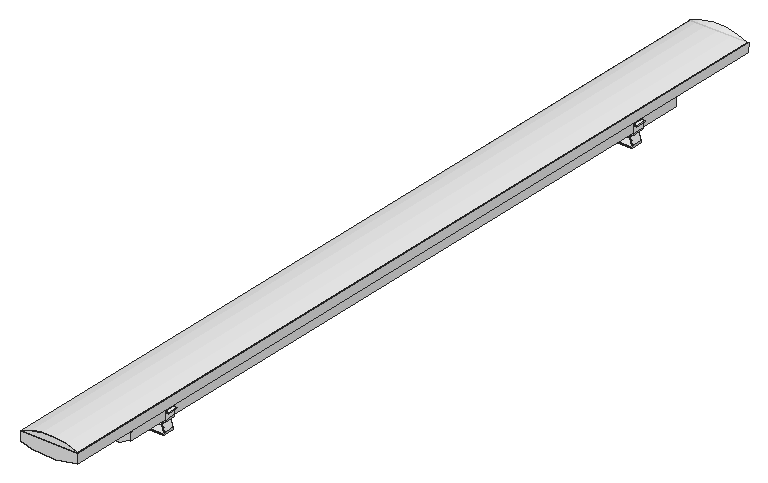
Revit family "Lighting-Industriale-GEWISS-SMART[3]PLUS-HLO-PLAFONIERA-LED_TRANSPARENTE_FASCIOMEDIO_1600mm", category Apparecchi per illuminazione, host Superficie, Revit 2019
Family settings
  Host = Superficie
  Quota connettore circolare = Usa diametro
  Tipo di parte = Normale
  Taglio con vuoti quando caricato = No
  Sorgente d'illuminazione = Sì
  Condiviso = No
  Punto di calcolo locali = No
Parameters (values of type "GWS3323BC957 - SMART3 PLUS 1600 T.W.DALI HO CONC 9 57")
  Wattage = 27 W
  Visibilità simbolo [instance] = yes
  Visibilità pianta [instance] = not(Visibilità simbolo)  # no
  Visibilità etichetta [instance] = yes
  Versione file RFA = "20.0"
  Variazione temperatura colore lampada con luminosità attenuata = (empty or 0)
  URL = "https://www.gewiss.com/it/it"
  Tipologia sorgente luminosa = "LED - Non sostituibile"
  Tipologia = "DALI"
  Tipo alimentatore = ""
  Tensione = "220-240 V "
  Temperatura di utilizzo = "-25 +45 °C"
  Temperatura di funzionamento = "-25 +45 °C"
  Temperatura di colore: = "5700 K (CRI > 90)"
  Temperatura di colore = "5700 K (CRI > 90)"
  Schermo = "Trasparente"
  Scheda Tecnica = "https://www.gewiss.com/it/it/search?q=GWS3323BC957"
  SEO = "Plafoniera"
  Resistenza agli urti = "IK08"
  Potenza di sistema = "63 W"
  Peso (kg): = ""
  NÂ° LED (#) = ""
  Numero poli = 2
  built-in parameter 1150107 = 5700 (stored number, unit not read)
  Struttura = GRIGIO
  Stampa 1_200 = no
  Stampa 1_100 = not(Stampa 1_200)  # yes
  Spostamento_Y_etichetta [instance] = 0 mm
  Spostamento_Y_effettivo_etichetta [instance] = 1500 mm - Spostamento_Y_etichetta  # 1500 mm
  Spostamento_X_etichetta [instance] = 0 mm
  Spostamento_X_effettivo_etichetta [instance] = 1500 mm - Spostamento_X_etichetta  # 1500 mm
  Schermo. = Led Acceso
  Default Elevation = 1219.2 mm
  Produttore = "GEWISS S.p.A."
  built-in parameter 1150110 = 1 (stored number, unit not read)
  built-in parameter 1150109 = 1 (stored number, unit not read)
  built-in parameter 1114218 = 1 (stored number, unit not read)
  built-in parameter 1150112 = 1 (stored number, unit not read)
  Modello = "GWS3323BC957"
  built-in parameter 1150137 = (empty or 0)
  built-in parameter 1150132 = (empty or 0)
  Lunghezza Lampada = 1600 mm  # constant formula
  Lunghezza = "1600 mm"
  Lumen output (lm) = "7100"
  Lampada: = "LED"
  Lampada = "LED"
  LED LifeTime (L80B20) = ""
  LED Life time (L90B50) = ""
  LED Life time (L80B50) = ""
  LED Life time (L70) = ""
  built-in parameter 1150105 = 1406.7 (stored number, unit not read)
  built-in parameter 1150102 = (empty or 0)
  Type Image = GWS3280TS.jpg
  built-in parameter 1150106 = 14.067 (stored number, unit not read)
  IFC.TypeObject = ""
  IFC.ExportType = ""
  IFC.ExportAs = ""
  IDT = "b00432e8-6c7e-4c0b-b2bb-cd3ca21adb70"
  IDF = "f4548ec7-d4a7-426e-88fc-f48177b86a4a"
  Grado di protezione = "IP66/IP69"
  Glow Wire Test = "850°C"
  Garanzia = "5 anni"
  Ganci = Alluminio
  Flusso nominale (lm) = ""
  Lumens = 4010.63 lm
  Color Filter = 16777215
  File diagramma fotometrico = "GWS3323BC957.IES"
  built-in parameter 1114217 = 1 (stored number, unit not read)
  built-in parameter 1150139 = (empty or 0)
  Failure rate apparecchio (50.000h, Tq=25Â° C) = ""
  Failure rate apparecchio (35.000h, Tq=35Â° C) = ""
  Emetti da lunghezza linea = 1200 mm
  built-in parameter 1150104 = 13.8 (stored number, unit not read)
  built-in parameter 1150115 = 1 (stored number, unit not read)
  built-in parameter 1150114 = 1 (stored number, unit not read)
  built-in parameter 1150113 = 1 (stored number, unit not read)
  Descrizione = "SMART3 PLUS 1600 T.W.DALI HO CONC 9 57"
  Creato da GEWISS S.p.A. = ""
  Commenti sul wattaggio = "67W"
  built-in parameter 1150134 = (empty or 0)
  built-in parameter 1150138 = (empty or 0)
  Codice Electrocod = "2434"
  Codice EAN = ""
  Classe isolamento = "II"
  Classe di efficienza LED integrati = "A ÷ A++"
  Catalogo Serie = "SMART[3] PLUS HLO"
  Catalogo = "LIGHTING"
  Carico apparente = 67 VA
  COBie.Tagnumber = ""
  COBie.CreatedOn = ""
  COBie.CreatebBy = ""
  COBie.ComponentRegisterItemID = ""
  COBie.Component.TagNumber = ""
  COBie.Component.Space = ""
  COBie.Component.SerialNumber = ""
  COBie.Component.InstallationDate = ""
  COBie.Component.Description = ""
  COBie.Component.BarCode = ""
  Applicazione = "Interno"
  Apparecchio a ridotta temperatura superficiale = ""
  Tilt Angle = -90.00°
  built-in parameter 1150133 = 10 (stored number, unit not read)
Types (24, lengths in mm): name | Tipologia | Temperatura di utilizzo | Temperatura di funzionamento | Temperatura di colore: | Temperatura di colore | Scheda Tecnica | Potenza di sistema | Modello | Lumen output (lm) | Type Image | IDT | File diagramma fotometrico | Descrizione | Commenti sul wattaggio | Carico apparente
  GWS3320BC830 - SMART3 PLUS 1600 ON/OFF HO CONC 8 30 | "" | "-25 +50 °C" | "-25 +50 °C" | "3000 K (CRI > 80)" | "3000 K (CRI > 80)" | "https://www.gewiss.com/it/it/search?q=GWS3320BC830" | "61 W" | "GWS3320BC830" | "8500" | GWS3158T.jpg | "51874a5f-5911-4fc8-a872-f72a5111fd3c" | "GWS3320BC830.IES" | "SMART3 PLUS 1600 ON/OFF HO CONC 8 30" | "26W" | 26 VA
  GWS3320BC840 - SMART3 PLUS 1600 ON/OFF HO CONC 8 40 | "" | "-25 +50 °C" | "-25 +50 °C" | "4000 K (CRI > 80)" | "4000 K (CRI > 80)" | "https://www.gewiss.com/it/it/search?q=GWS3320BC840" | "61 W" | "GWS3320BC840" | "8900" | GWS3158T30K.jpg | "e9fb3ce9-b5e0-4438-a7fa-7e89d9c6abb2" | "GWS3320BC840.IES" | "SMART3 PLUS 1600 ON/OFF HO CONC 8 40" | "26W" | 26 VA
  GWS3320BC857 - SMART3 PLUS 1600 ON/OFF HO CONC 8 57 | "" | "-25 +50 °C" | "-25 +50 °C" | "5700 K (CRI > 80)" | "5700 K (CRI > 80)" | "https://www.gewiss.com/it/it/search?q=GWS3320BC857" | "61 W" | "GWS3320BC857" | "8900" | GWS3158T57K.jpg | "e657f4e3-5612-4aa4-8f5e-469920edbc74" | "GWS3320BC857.IES" | "SMART3 PLUS 1600 ON/OFF HO CONC 8 57" | "26W" | 26 VA
  GWS3321BC940 - SMART3 PLUS 1600 DALI HO CONC 9 40 | "DALI" | "-25 +45 °C" | "-25 +45 °C" | "4000 K (CRI > 90)" | "4000 K (CRI > 90)" | "https://www.gewiss.com/it/it/search?q=GWS3321BC940" | "63 W" | "GWS3321BC940" | "7100" | GWS3258T.jpg | "65958f95-e7f8-4c19-86e3-ff2f32f95c70" | "GWS3321BC940.IES" | "SMART3 PLUS 1600 DALI HO CONC 9 40" | "53W" | 53 VA
  GWS3321BC957 - SMART3 PLUS 1600 DALI HO CONC 9 57 | "DALI" | "-25 +45 °C" | "-25 +45 °C" | "5700 K (CRI > 90)" | "5700 K (CRI > 90)" | "https://www.gewiss.com/it/it/search?q=GWS3321BC957" | "63 W" | "GWS3321BC957" | "7100" | GWS3258T30K.jpg | "87f11829-bd42-43da-abd5-1284eb4abbd7" | "GWS3321BC957.IES" | "SMART3 PLUS 1600 DALI HO CONC 9 57" | "53W" | 53 VA
  GWS3322BC830 - SMART3 PLUS 1600 T.W.ON/OFF HO CONC 8 30 | "" | "-25 +50 °C" | "-25 +50 °C" | "3000 K (CRI > 80)" | "3000 K (CRI > 80)" | "https://www.gewiss.com/it/it/search?q=GWS3322BC830" | "61 W" | "GWS3322BC830" | "8500" | GWS3258T57K.jpg | "64a5e25e-2b8b-4251-b203-5ea693b3453b" | "GWS3322BC830.IES" | "SMART3 PLUS 1600 T.W.ON/OFF HO CONC 8 30" | "53W" | 53 VA
  GWS3320BC930 - SMART3 PLUS 1600 ON/OFF HO CONC 9 30 | "" | "-25 +50 °C" | "-25 +50 °C" | "3000 K (CRI > 90)" | "3000 K (CRI > 90)" | "https://www.gewiss.com/it/it/search?q=GWS3320BC930" | "61 W" | "GWS3320BC930" | "6600" | GWS3158TD30K.jpg | "d27e9a01-79ad-4849-b71e-ad3046dd77c8" | "GWS3320BC930.IES" | "SMART3 PLUS 1600 ON/OFF HO CONC 9 30" | "27W" | 27 VA
  GWS3320BC940 - SMART3 PLUS 1600 ON/OFF HO CONC 9 40 | "" | "-25 +50 °C" | "-25 +50 °C" | "4000 K (CRI > 90)" | "4000 K (CRI > 90)" | "https://www.gewiss.com/it/it/search?q=GWS3320BC940" | "61 W" | "GWS3320BC940" | "7100" | GWS3158TD57K.jpg | "889abac6-9bb5-4058-b233-50f464c11995" | "GWS3320BC940.IES" | "SMART3 PLUS 1600 ON/OFF HO CONC 9 40" | "27W" | 27 VA
  GWS3320BC957 - SMART3 PLUS 1600 ON/OFF HO CONC 9 57 | "" | "-25 +50 °C" | "-25 +50 °C" | "5700 K (CRI > 90)" | "5700 K (CRI > 90)" | "https://www.gewiss.com/it/it/search?q=GWS3320BC957" | "61 W" | "GWS3320BC957" | "7100" | GWS3158TL.jpg | "5ad3064c-a93f-4846-a5d8-ab0fe61b4c5d" | "GWS3320BC957.IES" | "SMART3 PLUS 1600 ON/OFF HO CONC 9 57" | "26W" | 26 VA
  GWS3321BC830 - SMART3 PLUS 1600 DALI HO CONC 8 30 | "DALI" | "-25 +45 °C" | "-25 +45 °C" | "3000 K (CRI > 80)" | "3000 K (CRI > 80)" | "https://www.gewiss.com/it/it/search?q=GWS3321BC830" | "63 W" | "GWS3321BC830" | "8500" | GWS3158TL30K.jpg | "a60093cb-3f4d-4f96-8bdb-7d650ae2cbaa" | "GWS3321BC830.IES" | "SMART3 PLUS 1600 DALI HO CONC 8 30" | "26W" | 26 VA
  GWS3321BC840 - SMART3 PLUS 1600 DALI HO CONC 8 40 | "DALI" | "-25 +45 °C" | "-25 +45 °C" | "4000 K (CRI > 80)" | "4000 K (CRI > 80)" | "https://www.gewiss.com/it/it/search?q=GWS3321BC840" | "63 W" | "GWS3321BC840" | "8900" | GWS3158TL57K.jpg | "7fb05e5f-cd81-445a-8df8-66fea902ef50" | "GWS3321BC840.IES" | "SMART3 PLUS 1600 DALI HO CONC 8 40" | "26W" | 26 VA
  GWS3321BC857 - SMART3 PLUS 1600 DALI HO CONC 8 57 | "DALI" | "-25 +45 °C" | "-25 +45 °C" | "5700 K (CRI > 80)" | "5700 K (CRI > 80)" | "https://www.gewiss.com/it/it/search?q=GWS3321BC857" | "63 W" | "GWS3321BC857" | "8900" | GWS3158TLD30K.jpg | "5ec17c8a-fe5e-42aa-a6a3-d3f001b0f863" | "GWS3321BC857.IES" | "SMART3 PLUS 1600 DALI HO CONC 8 57" | "27W" | 27 VA
  GWS3321BC930 - SMART3 PLUS 1600 DALI HO CONC 9 30 | "DALI" | "-25 +45 °C" | "-25 +45 °C" | "3000 K (CRI > 90)" | "3000 K (CRI > 90)" | "https://www.gewiss.com/it/it/search?q=GWS3321BC930" | "63 W" | "GWS3321BC930" | "6600" | GWS3158TLD57K.jpg | "fad7e840-af3a-4df0-b764-14f4147dd9ba" | "GWS3321BC930.IES" | "SMART3 PLUS 1600 DALI HO CONC 9 30" | "27W" | 27 VA
  GWS3322BC840 - SMART3 PLUS 1600 T.W.ON/OFF HO CONC 8 40 | "" | "-25 +50 °C" | "-25 +50 °C" | "4000 K (CRI > 80)" | "4000 K (CRI > 80)" | "https://www.gewiss.com/it/it/search?q=GWS3322BC840" | "61 W" | "GWS3322BC840" | "8900" | GWS3258TD.jpg | "95eb6b9a-2660-4f3a-a8cc-c0dcb3b3a553" | "GWS3322BC840.IES" | "SMART3 PLUS 1600 T.W.ON/OFF HO CONC 8 40" | "55W" | 55 VA
  GWS3322BC857 - SMART3 PLUS 1600 T.W.ON/OFF HO CONC 8 57 | "" | "-25 +50 °C" | "-25 +50 °C" | "5700 K (CRI > 80)" | "5700 K (CRI > 80)" | "https://www.gewiss.com/it/it/search?q=GWS3322BC857" | "61 W" | "GWS3322BC857" | "8900" | GWS3258T30K.jpg | "c3caccaa-4e5a-4830-8f64-a7e2341cad41" | "GWS3322BC857.IES" | "SMART3 PLUS 1600 T.W.ON/OFF HO CONC 8 57" | "55W" | 55 VA
  GWS3322BC930 - SMART3 PLUS 1600 T.W.ON/OFF HO CONC 9 30 | "" | "-25 +50 °C" | "-25 +50 °C" | "3000 K (CRI > 90)" | "3000 K (CRI > 90)" | "https://www.gewiss.com/it/it/search?q=GWS3322BC930" | "61 W" | "GWS3322BC930" | "6600" | GWS3258TD57K.jpg | "b1758d13-2a52-476e-b43b-9c48c757a74a" | "GWS3322BC930.IES" | "SMART3 PLUS 1600 T.W.ON/OFF HO CONC 9 30" | "55W" | 55 VA
  GWS3322BC940 - SMART3 PLUS 1600 T.W.ON/OFF HO CONC 9 40 | "" | "-25 +50 °C" | "-25 +50 °C" | "4000 K (CRI > 90)" | "4000 K (CRI > 90)" | "https://www.gewiss.com/it/it/search?q=GWS3322BC940" | "61 W" | "GWS3322BC940" | "7100" | GWS3258TL.jpg | "2488c67f-667e-4f1e-b686-f3dfdf3056d8" | "GWS3322BC940.IES" | "SMART3 PLUS 1600 T.W.ON/OFF HO CONC 9 40" | "53W" | 53 VA
  GWS3322BC957 - SMART3 PLUS 1600 T.W.ON/OFF HO CONC 9 57 | "" | "-25 +50 °C" | "-25 +50 °C" | "5700 K (CRI > 90)" | "5700 K (CRI > 90)" | "https://www.gewiss.com/it/it/search?q=GWS3322BC957" | "61 W" | "GWS3322BC957" | "7100" | GWS3258TL30K.jpg | "f705bc28-f25b-4d57-9af6-de8809458856" | "GWS3322BC957.IES" | "SMART3 PLUS 1600 T.W.ON/OFF HO CONC 9 57" | "53W" | 53 VA
  GWS3323BC830 - SMART3 PLUS 1600 T.W.DALI HO CONC 8 30 | "DALI" | "-25 +45 °C" | "-25 +45 °C" | "3000 K (CRI > 80)" | "3000 K (CRI > 80)" | "https://www.gewiss.com/it/it/search?q=GWS3323BC830" | "63 W" | "GWS3323BC830" | "8500" | GWS3258TL57K.jpg | "2716a0e9-64e2-469b-bfd0-99e64ee285ab" | "GWS3323BC830.IES" | "SMART3 PLUS 1600 T.W.DALI HO CONC 8 30" | "53W" | 53 VA
  GWS3323BC840 - SMART3 PLUS 1600 T.W.DALI HO CONC 8 40 | "DALI" | "-25 +45 °C" | "-25 +45 °C" | "4000 K (CRI > 80)" | "4000 K (CRI > 80)" | "https://www.gewiss.com/it/it/search?q=GWS3323BC840" | "63 W" | "GWS3323BC840" | "8900" | GWS3258TLD.jpg | "53bf4455-74a7-45b5-9f99-1f0571a5c14e" | "GWS3323BC840.IES" | "SMART3 PLUS 1600 T.W.DALI HO CONC 8 40" | "55W" | 55 VA
  GWS3323BC857 - SMART3 PLUS 1600 T.W.DALI HO CONC 8 57 | "DALI" | "-25 +45 °C" | "-25 +45 °C" | "5700 K (CRI > 80)" | "5700 K (CRI > 80)" | "https://www.gewiss.com/it/it/search?q=GWS3323BC857" | "63 W" | "GWS3323BC857" | "8900" | GWS3258TLD30K.jpg | "d207a6d6-3db3-4a8c-882d-02bcd1ab076f" | "GWS3323BC857.IES" | "SMART3 PLUS 1600 T.W.DALI HO CONC 8 57" | "55W" | 55 VA
  GWS3323BC930 - SMART3 PLUS 1600 T.W.DALI HO CONC 9 30 | "DALI" | "-25 +45 °C" | "-25 +45 °C" | "3000 K (CRI > 90)" | "3000 K (CRI > 90)" | "https://www.gewiss.com/it/it/search?q=GWS3323BC930" | "63 W" | "GWS3323BC930" | "6600" | GWS3258TLD57K.jpg | "c4e6d04e-cb91-4804-836c-f12bcb5acef6" | "GWS3323BC930.IES" | "SMART3 PLUS 1600 T.W.DALI HO CONC 9 30" | "55W" | 55 VA
  GWS3323BC957 - SMART3 PLUS 1600 T.W.DALI HO CONC 9 57 | "DALI" | "-25 +45 °C" | "-25 +45 °C" | "5700 K (CRI > 90)" | "5700 K (CRI > 90)" | "https://www.gewiss.com/it/it/search?q=GWS3323BC957" | "63 W" | "GWS3323BC957" | "7100" | GWS3280TS.jpg | "b00432e8-6c7e-4c0b-b2bb-cd3ca21adb70" | "GWS3323BC957.IES" | "SMART3 PLUS 1600 T.W.DALI HO CONC 9 57" | "67W" | 67 VA
  GWS3323BC940 - SMART3 PLUS 1600 T.W.DALI HO CONC 9 40 | "DALI" | "-25 +45 °C" | "-25 +45 °C" | "4000 K (CRI > 90)" | "4000 K (CRI > 90)" | "https://www.gewiss.com/it/it/search?q=GWS3323BC940" | "63 W" | "GWS3323BC940" | "7100" | GWS3280TLS.jpg | "34a9e3cc-20e7-4faf-acb9-680dcd69804f" | "GWS3323BC940.IES" | "SMART3 PLUS 1600 T.W.DALI HO CONC 9 40" | "67W" | 67 VA
Reference planes
  plane 1 "Centro (Fronte/Retro)": y = 0
  plane 2: z = 0
  plane 3 "Centro (Sinistra/Destra)": x = 0
  plane 4: x = -1500
  plane 5: y = -1500
  plane 6: x = 0
  plane 7: y = 0
Forms (mm)
  Extrusion 1, solid, material "Alluminio" <- "Ganci", detail levels medium+fine
    sketch origin (0, 0, 0) x (1, 0, 0) y (0, 0, 1)
      loop
        arc (31.431, -0.002) -> (34.576, 1.589) -> (35.156, 5.066) r 3.903
        line (35.156, 5.066) -> (29.612, 23.211)
        arc (29.612, 23.211) -> (29.883, 24.381) -> (31.032, 24.73) r 1.2
        line (31.032, 24.73) -> (34.307, 23.974)
        arc (34.307, 23.974) -> (36.765, 24.53) -> (37.859, 26.8) r 2.9
        line (37.859, 26.8) -> (37.859, 38.8)
        arc (37.859, 38.8) -> (37.648, 39.694) -> (37.059, 40.4) r 2
        line (37.059, 40.4) -> (37.059, 42.71) -> (42.861, 40.598) -> (43.203, 41.538) -> (37.53, 43.603)
        arc (37.53, 43.603) -> (37.019, 43.613) -> (36.605, 43.311) r 0.8
        line (36.605, 43.311) -> (36.306, 26.139)
        arc (36.306, 26.139) -> (35.6, 25.444) -> (34.616, 25.34) r 1.5
        line (34.616, 25.34) -> (31.344, 26.095)
        arc (31.344, 26.095) -> (28.858, 25.335) -> (28.273, 22.802) r 2.6
        line (28.273, 22.802) -> (33.827, 4.636)
        arc (33.827, 4.636) -> (33.449, 2.415) -> (31.438, 1.4) r 2.5
        line (31.438, 1.4) -> (-31.437, 1.4)
        arc (-31.437, 1.4) -> (-33.449, 2.415) -> (-33.827, 4.636) r 2.5
        line (-33.827, 4.636) -> (-28.273, 22.802)
        arc (-28.273, 22.802) -> (-28.858, 25.335) -> (-31.344, 26.095) r 2.6
        line (-31.344, 26.095) -> (-34.616, 25.34)
        arc (-34.616, 25.34) -> (-35.6, 25.444) -> (-36.306, 26.139) r 1.5
        line (-36.306, 26.139) -> (-36.605, 43.311)
        arc (-36.605, 43.311) -> (-37.019, 43.613) -> (-37.53, 43.603) r 0.8
        line (-37.53, 43.603) -> (-43.203, 41.538) -> (-42.861, 40.598) -> (-37.059, 42.71) -> (-37.059, 40.4)
        arc (-37.059, 40.4) -> (-37.648, 39.694) -> (-37.859, 38.8) r 2
        line (-37.859, 38.8) -> (-37.859, 26.8)
        arc (-37.859, 26.8) -> (-36.765, 24.53) -> (-34.307, 23.974) r 2.9
        line (-34.307, 23.974) -> (-31.032, 24.73)
        arc (-31.032, 24.73) -> (-29.883, 24.381) -> (-29.612, 23.211) r 1.2
        line (-29.612, 23.211) -> (-35.156, 5.066)
        arc (-35.156, 5.066) -> (-34.576, 1.589) -> (-31.431, -0.002) r 3.903
        line (-31.431, -0.002) -> (31.431, -0.002)
    from 548.766 to 568.766
  Extrusion 2, solid, material "Alluminio" <- "Ganci", detail levels medium+fine
    sketch origin (0, 0, 0) x (1, 0, 0) y (0, 0, -1)
      loop
        line (31.431, 0.002) -> (-31.431, 0.002)
        arc (-31.431, 0.002) -> (-34.576, -1.589) -> (-35.156, -5.066) r 3.903
        line (-35.156, -5.066) -> (-29.612, -23.211)
        arc (-29.612, -23.211) -> (-29.883, -24.381) -> (-31.032, -24.73) r 1.2
        line (-31.032, -24.73) -> (-34.307, -23.974)
        arc (-34.307, -23.974) -> (-36.765, -24.53) -> (-37.859, -26.8) r 2.9
        line (-37.859, -26.8) -> (-37.859, -38.8)
        arc (-37.859, -38.8) -> (-37.648, -39.694) -> (-37.059, -40.4) r 2
        line (-37.059, -40.4) -> (-37.059, -42.71) -> (-42.861, -40.598) -> (-43.203, -41.538) -> (-37.53, -43.603)
        arc (-37.53, -43.603) -> (-37.019, -43.613) -> (-36.605, -43.311) r 0.8
        line (-36.605, -43.311) -> (-36.306, -26.139)
        arc (-36.306, -26.139) -> (-35.6, -25.444) -> (-34.616, -25.34) r 1.5
        line (-34.616, -25.34) -> (-31.344, -26.095)
        arc (-31.344, -26.095) -> (-28.858, -25.335) -> (-28.273, -22.802) r 2.6
        line (-28.273, -22.802) -> (-33.827, -4.636)
        arc (-33.827, -4.636) -> (-33.449, -2.415) -> (-31.437, -1.4) r 2.5
        line (-31.437, -1.4) -> (31.438, -1.4)
        arc (31.438, -1.4) -> (33.449, -2.415) -> (33.827, -4.636) r 2.5
        line (33.827, -4.636) -> (28.273, -22.802)
        arc (28.273, -22.802) -> (28.858, -25.335) -> (31.344, -26.095) r 2.6
        line (31.344, -26.095) -> (34.616, -25.34)
        arc (34.616, -25.34) -> (35.6, -25.444) -> (36.306, -26.139) r 1.5
        line (36.306, -26.139) -> (36.605, -43.311)
        arc (36.605, -43.311) -> (37.019, -43.613) -> (37.53, -43.603) r 0.8
        line (37.53, -43.603) -> (43.203, -41.538) -> (42.861, -40.598) -> (37.059, -42.71) -> (37.059, -40.4)
        arc (37.059, -40.4) -> (37.648, -39.694) -> (37.859, -38.8) r 2
        line (37.859, -38.8) -> (37.859, -26.8)
        arc (37.859, -26.8) -> (36.765, -24.53) -> (34.307, -23.974) r 2.9
        line (34.307, -23.974) -> (31.032, -24.73)
        arc (31.032, -24.73) -> (29.883, -24.381) -> (29.612, -23.211) r 1.2
        line (29.612, -23.211) -> (35.156, -5.066)
        arc (35.156, -5.066) -> (34.576, -1.589) -> (31.431, 0.002) r 3.903
    from 548.766 to 568.766
  Extrusion 3, solid, material "GRIGIO" <- "Struttura", detail levels medium+fine
    sketch origin (0, 0, 0) x (1, 0, 0) y (0, 0, 1)
      loop
        line (-36.331, 55.757) -> (-35.847, 28.018)
        arc (-35.847, 28.018) -> (-33.139, 27.27) -> (-30.416, 26.58) r 129.5
        arc (-30.416, 26.58) -> (-28.066, 25.76) -> (-25.915, 24.506) r 13
        arc (-25.915, 24.506) -> (-24.23, 23.324) -> (-22.521, 22.178) r 99.5
        arc (-22.521, 22.178) -> (-16.401, 19.063) -> (-9.748, 17.365) r 31.146
        line (-9.748, 17.365) -> (12.491, 17.365)
        arc (12.491, 17.365) -> (17.822, 19.098) -> (22.764, 21.745) r 31.646
        arc (22.764, 21.745) -> (24.509, 22.915) -> (26.228, 24.122) r 100
        arc (26.228, 24.122) -> (28.283, 25.313) -> (30.525, 26.095) r 12.5
        arc (30.525, 26.095) -> (33.437, 26.834) -> (36.332, 27.64) r 130
        line (36.332, 27.64) -> (36.824, 55.851)
        arc (36.824, 55.851) -> (24.914, 53.937) -> (12.909, 52.764) r 195.047
        line (12.909, 52.764) -> (-12.909, 52.764)
        arc (-12.909, 52.764) -> (-24.665, 53.905) -> (-36.331, 55.757) r 195.047
    from -650 to 650
  Extrusion 4, solid, material "GRIGIO" <- "Struttura", detail levels medium+fine
    sketch origin (0, 0, 0) x (1, 0, 0) y (0, 0, 1)
      loop
        line (54.725, 60.184) -> (55.177, 77.445) -> (-55.177, 77.445) -> (-54.725, 60.184)
        arc (-54.725, 60.184) -> (-34.019, 55.332) -> (-12.909, 52.764) r 195.047
        line (-12.909, 52.764) -> (12.909, 52.764)
        arc (12.909, 52.764) -> (34.019, 55.332) -> (54.725, 60.184) r 195.047
    from -800 to 800
  Extrusion 5, solid, material "Led Acceso" <- "Schermo.", detail levels medium+fine
    sketch origin (0, 0, 0) x (1, 0, 0) y (0, 0, 1)
      loop
        arc (54.697, 78.441) -> (-0.014, 90.457) -> (-54.723, 78.429) r 130.5
        arc (-54.723, 78.429) -> (-54.988, 77.838) -> (-54.5, 77.445) r 0.5
        line (-54.5, 77.445) -> (54.479, 77.445)
        arc (54.479, 77.445) -> (54.988, 77.855) -> (54.697, 78.441) r 0.522
    from -800 to 800
  Extrusion 6, solid, material "GRIGIO" <- "Struttura", detail levels coarse
    sketch origin (0, 0, 0) x (1, 0, 0) y (0, 0, 1)
      loop
        line (-54.5, 90.439) -> (-54.5, 0) -> (54.5, 0) -> (54.5, 90.439) -> (-54.5, 90.439)
    from -800 to 800
Lines and regions (mm)
  Masking region 1, visible <- "Visibilità pianta"
    outline origin (0, 0, 0) x (1, 0, 0) y (0, 1, 0)
      loop
        line (-55.177, 800) -> (-55.177, -800) -> (55.177, -800) -> (55.177, 800) -> (-55.177, 800)
  model lines, style "GEWISS - LIGHT 2D", not visible, detail levels medium+fine
    curve 1: arc (599.156, 237.359, 0) -> (604.568, 231.947, 0) -> (609.98, 237.359, 0) r 5.412
    curve 6: arc (581.804, 237.359, 0) -> (582.83, 230.601, 0) -> (585.816, 224.453, 0) r 22.764
    curve 7: arc (623.32, 224.453, 0) -> (626.306, 230.601, 0) -> (627.332, 237.359, 0) r 22.764
    curve 8: arc (609.98, -154.35, 0) -> (604.568, -148.937, 0) -> (599.156, -154.35, 0) r 5.412
    curve 14: arc (585.816, -141.444, 0) -> (582.83, -147.592, 0) -> (581.804, -154.35, 0) r 22.764
    curve 15: arc (627.332, -154.35, 0) -> (626.306, -147.592, 0) -> (623.32, -141.444, 0) r 22.764
    curve 22: line (581.804, 248.502, 0) -> (581.804, 237.359, 0)
    curve 23: line (581.804, 237.359, 0) -> (599.156, 237.359, 0)
    curve 24: line (599.156, 237.359, 0) -> (599.156, 248.502, 0)
    curve 25: line (599.156, 256.809, 0) -> (599.156, 262.193, 0)
    curve 26: line (609.98, 248.502, 0) -> (609.98, 237.359, 0)
    curve 27: line (609.98, 237.359, 0) -> (627.332, 237.359, 0)
    curve 28: line (627.332, 237.359, 0) -> (627.332, 248.502, 0)
    curve 39: line (581.804, -154.35, 0) -> (581.804, -165.498, 0)
    curve 40: line (581.804, -165.498, 0) -> (581.804, -154.35, 0)
    curve 41: line (581.804, -154.35, 0) -> (599.156, -154.35, 0)
    curve 42: line (599.156, -154.35, 0) -> (599.156, -165.498, 0)
    curve 43: line (609.98, -165.498, 0) -> (609.98, -154.35, 0)
    curve 44: line (609.98, -154.35, 0) -> (627.332, -154.35, 0)
    curve 45: line (627.332, -154.35, 0) -> (627.332, -165.498, 0)
    curve 46: line (627.332, -165.498, 0) -> (627.332, -154.35, 0)
    curve 47: line (609.98, -179.249, 0) -> (609.98, -173.749, 0)
    curve 50: line (599.156, -179.191, 0) -> (599.156, -173.807, 0)
    curve 94: circle (617.836, 259.501, 0) r 1.5 normal (0, 0, 1)
    curve 95: circle (591.836, 259.501, 0) r 1.5 normal (0, 0, 1)
    curve 96: arc (610.218, 256.751, 0) -> (612.968, 259.501, 0) -> (610.218, 262.251, 0) r 2.75
    curve 97: arc (599.718, 262.251, 0) -> (596.968, 259.501, 0) -> (599.718, 256.751, 0) r 2.75
    curve 102: circle (617.836, -176.499, 0) r 1.5 normal (0, 0, 1)
    curve 103: circle (591.836, -176.499, 0) r 1.5 normal (0, 0, 1)
    curve 104: arc (610.218, -179.249, 0) -> (612.968, -176.499, 0) -> (610.218, -173.749, 0) r 2.75
    curve 105: arc (599.718, -173.749, 0) -> (596.968, -176.499, 0) -> (599.718, -179.249, 0) r 2.75
    curve 184: line (599.718, 262.251, 0) -> (610.218, 262.251, 0)
    curve 185: line (599.718, 256.751, 0) -> (610.218, 256.751, 0)
    curve 194: line (599.718, -173.749, 0) -> (610.218, -173.749, 0)
    curve 195: line (599.718, -179.249, 0) -> (610.218, -179.249, 0)
    curve 214: line (604.568, 230.323, 0) -> (604.568, 244.394, 0)
    curve 215: line (611.603, 237.359, 0) -> (597.532, 237.359, 0)
    curve 216: line (604.568, -161.385, 0) -> (604.568, -147.314, 0)
    curve 217: line (611.603, -154.35, 0) -> (597.532, -154.35, 0)
    curve 223: line (617.836, 257.551, 0) -> (617.836, 261.451, 0)
    curve 224: line (619.786, 259.501, 0) -> (615.886, 259.501, 0)
    curve 225: line (591.836, 257.551, 0) -> (591.836, 261.451, 0)
    curve 226: line (593.786, 259.501, 0) -> (589.886, 259.501, 0)
    curve 227: line (603.293, 259.501, 0) -> (596.143, 259.501, 0)
    curve 228: line (610.218, 255.926, 0) -> (610.218, 263.076, 0)
    curve 229: line (613.793, 259.501, 0) -> (606.643, 259.501, 0)
    curve 230: line (617.836, -178.449, 0) -> (617.836, -174.549, 0)
    curve 231: line (619.786, -176.499, 0) -> (615.886, -176.499, 0)
    curve 232: line (591.836, -178.449, 0) -> (591.836, -174.549, 0)
    curve 233: line (593.786, -176.499, 0) -> (589.886, -176.499, 0)
    curve 234: line (599.718, -180.074, 0) -> (599.718, -172.924, 0)
    curve 235: line (603.293, -176.499, 0) -> (596.143, -176.499, 0)
    curve 236: line (610.218, -180.074, 0) -> (610.218, -172.924, 0)
    curve 237: line (613.793, -176.499, 0) -> (606.643, -176.499, 0)
    curve 238: arc (585.816, 224.453, 0) -> (604.568, 218.168, 0) -> (623.32, 224.453, 0) r 31.118
    curve 239: arc (623.32, -141.444, 0) -> (604.568, -135.159, 0) -> (585.816, -141.444, 0) r 31.118
  model lines, style "GEWISS - LIGHT 2D", not visible
    curve 2: arc (642.177, 315.223, 0) -> (641.755, 316.267, 0) -> (640.725, 316.723, 0) r 1.499
    curve 3: arc (640.726, -233.714, 0) -> (641.755, -233.258, 0) -> (642.177, -232.214, 0) r 1.499
    curve 4: arc (568.41, 316.723, 0) -> (567.381, 316.267, 0) -> (566.959, 315.223, 0) r 1.499
    curve 5: arc (566.959, -232.214, 0) -> (567.38, -233.258, 0) -> (568.409, -233.714, 0) r 1.499
    curve 16: line (568.41, 316.723, 0) -> (592.409, 317.119, 0)
    curve 17: line (592.409, 317.119, 0) -> (595.819, 317.196, 0)
    curve 18: line (595.819, 317.196, 0) -> (604.587, 317.348, 0)
    curve 19: line (604.587, 317.348, 0) -> (613.319, 317.196, 0)
    curve 20: line (613.319, 317.196, 0) -> (616.729, 317.119, 0)
    curve 21: line (616.729, 317.119, 0) -> (640.725, 316.723, 0)
    curve 29: line (568.409, -233.714, 0) -> (604.582, -234.348, 0)
    curve 30: line (604.582, -234.348, 0) -> (640.726, -233.714, 0)
    curve 31: line (642.177, -187.498, 0) -> (642.177, -232.214, 0)
    curve 32: line (642.177, 248.502, 0) -> (642.177, -165.498, 0)
    curve 33: line (642.177, 315.223, 0) -> (642.177, 270.502, 0)
    curve 34: line (566.959, 315.223, 0) -> (566.959, 270.502, 0)
    curve 35: line (566.959, 248.502, 0) -> (566.959, -165.498, 0)
    curve 36: line (566.959, -187.498, 0) -> (566.959, -232.214, 0)
    curve 37: line (604.549, -234.347, 0) -> (604.569, -233.348, 0)
    curve 38: line (604.569, -233.348, 0) -> (604.549, -234.347, 0)
    curve 48: line (609.989, -233.253, 0) -> (609.98, -232.753, 0)
    curve 49: line (609.98, -232.753, 0) -> (609.98, -187.498, 0)
    curve 51: line (599.147, -233.253, 0) -> (599.156, -232.753, 0)
    curve 52: line (599.156, -232.753, 0) -> (599.156, -187.498, 0)
    curve 53: line (604.568, -232.848, 0) -> (604.569, -233.348, 0)
    curve 54: line (604.569, -233.348, 0) -> (604.568, -232.848, 0)
    curve 69: arc (658.224, 441.447, 0) -> (657.902, 441.529, 0) -> (657.571, 441.558, 0) r 1.999
    curve 71: arc (659.744, 439.503, 0) -> (659.172, 440.906, 0) -> (657.781, 441.505, 0) r 1.998
    curve 72: arc (549.391, -356.494, 0) -> (549.963, -357.897, 0) -> (551.356, -358.495, 0) r 1.998
    curve 98: spline (648.539, 268.506, 0) -> (648.523, 268.767, 0) -> (648.475, 269.023, 0) -> (648.396, 269.27, 0) -> (648.287, 269.504, 0) -> (648.151, 269.721, 0) -> (647.989, 269.918, 0) -> (647.804, 270.09, 0) -> (647.599, 270.235, 0) -> (647.379, 270.35, 0) -> (647.146, 270.434, 0) -> (646.905, 270.485, 0) -> (646.66, 270.502, 0)
    curve 99: spline (646.66, 248.502, 0) -> (646.905, 248.519, 0) -> (647.146, 248.57, 0) -> (647.379, 248.654, 0) -> (647.599, 248.77, 0) -> (647.804, 248.916, 0) -> (647.989, 249.089, 0) -> (648.151, 249.286, 0) -> (648.287, 249.504, 0) -> (648.396, 249.739, 0) -> (648.475, 249.987, 0) -> (648.523, 250.245, 0) -> (648.539, 250.506, 0)
    curve 100: spline (561.397, 250.501, 0) -> (561.413, 250.24, 0) -> (561.461, 249.984, 0) -> (561.54, 249.736, 0) -> (561.648, 249.502, 0) -> (561.785, 249.284, 0) -> (561.947, 249.087, 0) -> (562.132, 248.915, 0) -> (562.336, 248.77, 0) -> (562.557, 248.654, 0) -> (562.79, 248.57, 0) -> (563.031, 248.519, 0) -> (563.276, 248.502, 0)
    curve 101: spline (563.276, 270.502, 0) -> (563.031, 270.485, 0) -> (562.79, 270.434, 0) -> (562.557, 270.35, 0) -> (562.336, 270.234, 0) -> (562.132, 270.089, 0) -> (561.947, 269.916, 0) -> (561.785, 269.72, 0) -> (561.648, 269.502, 0) -> (561.54, 269.267, 0) -> (561.461, 269.019, 0) -> (561.413, 268.763, 0) -> (561.397, 268.502, 0)
    curve 106: spline (648.539, -167.494, 0) -> (648.523, -167.233, 0) -> (648.475, -166.977, 0) -> (648.396, -166.73, 0) -> (648.287, -166.496, 0) -> (648.151, -166.279, 0) -> (647.989, -166.083, 0) -> (647.804, -165.911, 0) -> (647.599, -165.766, 0) -> (647.379, -165.65, 0) -> (647.146, -165.566, 0) -> (646.905, -165.515, 0) -> (646.66, -165.498, 0)
    curve 107: spline (646.66, -187.498, 0) -> (646.905, -187.481, 0) -> (647.146, -187.43, 0) -> (647.379, -187.346, 0) -> (647.599, -187.23, 0) -> (647.804, -187.084, 0) -> (647.989, -186.911, 0) -> (648.151, -186.714, 0) -> (648.287, -186.496, 0) -> (648.396, -186.261, 0) -> (648.475, -186.012, 0) -> (648.523, -185.755, 0) -> (648.539, -185.494, 0)
    curve 108: spline (561.397, -185.499, 0) -> (561.413, -185.76, 0) -> (561.461, -186.016, 0) -> (561.54, -186.264, 0) -> (561.648, -186.498, 0) -> (561.785, -186.716, 0) -> (561.947, -186.912, 0) -> (562.132, -187.085, 0) -> (562.336, -187.23, 0) -> (562.557, -187.346, 0) -> (562.79, -187.43, 0) -> (563.031, -187.481, 0) -> (563.276, -187.498, 0)
    curve 109: spline (563.276, -165.498, 0) -> (563.031, -165.516, 0) -> (562.79, -165.567, 0) -> (562.557, -165.651, 0) -> (562.336, -165.766, 0) -> (562.132, -165.912, 0) -> (561.947, -166.084, 0) -> (561.785, -166.281, 0) -> (561.648, -166.499, 0) -> (561.54, -166.733, 0) -> (561.461, -166.981, 0) -> (561.413, -167.238, 0) -> (561.397, -167.499, 0)
    curve 110: arc (657.245, -358.546, 0) -> (659.012, -357.814, 0) -> (659.745, -356.046, 0) r 2.5
    curve 111: arc (551.891, 441.558, 0) -> (550.123, 440.825, 0) -> (549.391, 439.058, 0) r 2.5
    curve 142: line (657.571, 441.558, 0) -> (604.567, 441.558, 0)
    curve 143: line (604.567, 441.558, 0) -> (551.891, 441.558, 0)
    curve 144: line (551.356, -358.495, 0) -> (604.568, -358.495, 0)
    curve 145: line (604.568, -358.495, 0) -> (657.245, -358.495, 0)
    curve 157: line (599.147, -233.253, 0) -> (604.569, -233.348, 0)
    curve 158: line (604.569, -233.348, 0) -> (609.989, -233.253, 0)
    curve 159: line (659.745, -356.046, 0) -> (659.745, 439.503, 0)
    curve 160: line (657.781, 441.505, 0) -> (604.567, 441.505, 0)
    curve 161: line (549.391, -356.494, 0) -> (549.391, 439.058, 0)
    curve 186: line (642.696, 270.501, 0) -> (642.427, 270.501, 0)
    curve 187: line (563.481, 270.502, 0) -> (563.276, 270.502, 0)
    curve 188: line (563.276, 270.502, 0) -> (646.454, 270.502, 0)
    curve 189: line (646.454, 270.502, 0) -> (646.66, 270.502, 0)
    curve 190: line (563.481, 248.502, 0) -> (563.276, 248.502, 0)
    curve 191: line (646.454, 248.502, 0) -> (646.66, 248.502, 0)
    curve 192: line (648.539, 250.506, 0) -> (648.539, 268.506, 0)
    curve 193: line (561.397, 250.501, 0) -> (561.397, 268.501, 0)
    curve 196: line (646.66, -165.498, 0) -> (646.454, -165.498, 0)
    curve 197: line (646.454, -165.498, 0) -> (642.696, -165.498, 0)
    curve 198: line (642.696, -165.498, 0) -> (642.427, -165.498, 0)
    curve 199: line (642.427, -165.498, 0) -> (639.905, -165.498, 0)
    curve 200: line (639.905, -165.498, 0) -> (636.805, -165.498, 0)
    curve 201: line (636.805, -165.498, 0) -> (573.13, -165.498, 0)
    curve 202: line (573.13, -165.498, 0) -> (570.031, -165.498, 0)
    curve 203: line (570.031, -165.498, 0) -> (567.508, -165.498, 0)
    curve 204: line (567.508, -165.498, 0) -> (567.24, -165.498, 0)
    curve 205: line (567.24, -165.498, 0) -> (563.481, -165.498, 0)
    curve 206: line (563.481, -165.498, 0) -> (563.276, -165.498, 0)
    curve 207: line (563.276, -187.498, 0) -> (563.481, -187.498, 0)
    curve 208: line (563.481, -187.498, 0) -> (646.454, -187.498, 0)
    curve 209: line (646.454, -187.498, 0) -> (646.66, -187.498, 0)
    curve 210: line (642.696, -187.499, 0) -> (642.427, -187.499, 0)
    curve 211: line (648.539, -185.494, 0) -> (648.539, -167.494, 0)
    curve 212: line (561.397, -185.499, 0) -> (561.397, -167.499, 0)
    curve 219: line (604.569, 276.529, 0) -> (604.569, -193.52, 0)
    curve 240: line (646.454, 248.502, 0) -> (563.276, 248.502, 0)
  model lines, style "GEWISS - LIGHT 2D", not visible, detail levels fine
    curve 9: arc (621.884, 350.407, 0) -> (621.798, 350.225, 0) -> (621.768, 350.027, 0) r 0.678
    curve 10: arc (622.621, 351.453, 0) -> (622.246, 350.935, 0) -> (621.884, 350.407, 0) r 25.107
    curve 11: arc (623.611, 352.703, 0) -> (623.106, 352.086, 0) -> (622.621, 351.453, 0) r 25.491
    curve 12: arc (626.634, 356.042, 0) -> (625.055, 354.434, 0) -> (623.611, 352.703, 0) r 27.8
    curve 13: arc (628.933, 357.976, 0) -> (627.762, 357.034, 0) -> (626.634, 356.042, 0) r 34.286
    curve 55: line (595.819, 317.196, 0) -> (595.819, 331.194, 0)
    curve 56: line (595.819, 331.194, 0) -> (595.823, 331.698, 0)
    curve 57: line (613.319, 317.196, 0) -> (613.319, 331.194, 0)
    curve 58: line (613.319, 331.194, 0) -> (613.315, 331.698, 0)
    curve 59: line (601.188, 333.427, 0) -> (595.819, 333.381, 0)
    curve 60: line (595.819, 333.381, 0) -> (592.551, 333.351, 0)
    curve 61: line (621.768, 349.976, 0) -> (621.768, 349.703, 0)
    curve 62: line (618.568, 339.703, 0) -> (618.568, 340.003, 0)
    curve 63: line (618.568, 340.003, 0) -> (618.568, 349.403, 0)
    curve 64: line (618.568, 349.403, 0) -> (618.568, 349.703, 0)
    curve 65: line (626.634, 356.042, 0) -> (625.666, 357.327, 0)
    curve 66: line (625.666, 357.327, 0) -> (625.303, 357.809, 0)
    curve 67: arc (615.276, 335.364, 0) -> (616.055, 336.638, 0) -> (614.919, 337.608, 0) r 1.15
    curve 68: arc (594.228, 337.608, 0) -> (593.084, 336.643, 0) -> (593.862, 335.364, 0) r 1.15
    curve 70: arc (618.493, 319.316, 0) -> (619.321, 319.921, 0) -> (619.181, 320.937, 0) r 1
    curve 73: arc (592.532, 331.227, 0) -> (592.389, 331.582, 0) -> (592.037, 331.731, 0) r 0.5
    curve 74: arc (617.101, 331.731, 0) -> (616.749, 331.582, 0) -> (616.606, 331.227, 0) r 0.5
    curve 75: arc (617.805, 349.703, 0) -> (617.188, 349.635, 0) -> (616.597, 349.441, 0) r 3
    curve 76: arc (606.569, 342.058, 0) -> (605.632, 343.753, 0) -> (603.698, 343.859, 0) r 2
    curve 77: arc (599.084, 344.854, 0) -> (601.221, 343.569, 0) -> (603.698, 343.859, 0) r 3.86
    curve 78: arc (598.376, 346.791, 0) -> (598.558, 345.76, 0) -> (599.084, 344.854, 0) r 3
    curve 79: arc (605.757, 349.962, 0) -> (611.115, 348.406, 0) -> (616.597, 349.441, 0) r 12
    curve 80: arc (622.068, 349.403, 0) -> (621.98, 349.615, 0) -> (621.768, 349.703, 0) r 0.3
    curve 81: arc (620.003, 351.317, 0) -> (619.679, 350.57, 0) -> (619.569, 349.763, 0) r 3
    curve 82: arc (603.144, 334.726, 0) -> (600.795, 328.007, 0) -> (607.888, 327.419, 0) r 4.5
    curve 83: arc (603.144, 334.726, 0) -> (605.626, 336.549, 0) -> (606.569, 339.481, 0) r 5
    curve 84: arc (602.226, 350.998, 0) -> (599.524, 350.005, 0) -> (598.376, 347.367, 0) r 3.66
    curve 85: arc (605.757, 349.962, 0) -> (604.052, 350.686, 0) -> (602.226, 350.998, 0) r 8
    curve 86: arc (621.772, 339.703, 0) -> (621.999, 339.807, 0) -> (622.068, 340.048, 0) r 0.3
    curve 87: arc (618.568, 339.703, 0) -> (617.972, 339.652, 0) -> (617.393, 339.5, 0) r 3.5
    curve 88: arc (617.393, 339.5, 0) -> (612.456, 336.19, 0) -> (609.712, 330.917, 0) r 12
    curve 89: arc (607.888, 327.419, 0) -> (609.019, 329.054, 0) -> (609.712, 330.917, 0) r 8
    curve 90: arc (620.895, 352.703, 0) -> (620.493, 352.099, 0) -> (620.105, 351.485, 0) r 29.999
    curve 91: arc (625.281, 357.788, 0) -> (623.014, 355.448, 0) -> (621.015, 352.877, 0) r 30
    curve 92: arc (627.608, 359.734, 0) -> (626.431, 358.8, 0) -> (625.303, 357.809, 0) r 29.995
    curve 93: circle (604.569, 330.458, 0) r 2.1 normal (0, 0, 1)
    curve 112: line (589.422, 320.458, 0) -> (589.069, 320.811, 0)
    curve 113: line (589.069, 320.811, 0) -> (589.069, 322.709, 0)
    curve 114: line (589.069, 322.709, 0) -> (589.069, 323.958, 0)
    curve 115: line (589.069, 323.958, 0) -> (589.422, 323.958, 0)
    curve 116: line (589.422, 323.958, 0) -> (590.069, 323.958, 0)
    curve 117: line (590.069, 323.958, 0) -> (590.069, 324.958, 0)
    curve 118: line (590.069, 324.958, 0) -> (589.422, 324.958, 0)
    curve 119: line (589.422, 324.958, 0) -> (589.069, 324.958, 0)
    curve 120: line (589.069, 324.958, 0) -> (589.069, 328.104, 0)
    curve 121: line (589.069, 328.104, 0) -> (589.422, 328.458, 0)
    curve 122: line (589.422, 324.958, 0) -> (589.422, 328.458, 0)
    curve 123: line (589.422, 328.458, 0) -> (591.069, 328.458, 0)
    curve 124: line (591.069, 328.458, 0) -> (591.069, 322.54, 0)
    curve 125: line (591.069, 322.54, 0) -> (591.069, 320.458, 0)
    curve 126: line (591.069, 320.458, 0) -> (589.422, 320.458, 0)
    curve 127: line (589.422, 320.458, 0) -> (589.422, 322.54, 0)
    curve 128: line (589.422, 322.54, 0) -> (589.422, 323.958, 0)
    curve 129: line (606.208, 337.608, 0) -> (602.469, 337.608, 0)
    curve 130: line (602.469, 337.608, 0) -> (599.469, 337.608, 0)
    curve 131: line (599.469, 337.608, 0) -> (596.069, 337.608, 0)
    curve 132: line (596.069, 337.608, 0) -> (594.228, 337.608, 0)
    curve 133: line (606.469, 338.477, 0) -> (606.569, 341.457, 0)
    curve 134: line (606.469, 341.458, 0) -> (602.469, 341.458, 0)
    curve 135: line (602.469, 341.458, 0) -> (599.469, 341.458, 0)
    curve 136: line (599.469, 341.458, 0) -> (596.519, 341.458, 0)
    curve 137: line (596.519, 341.458, 0) -> (594.919, 341.458, 0)
    curve 138: line (594.919, 341.458, 0) -> (593.969, 341.458, 0)
    curve 139: line (593.969, 341.458, 0) -> (593.969, 337.58, 0)
    curve 140: line (614.019, 337.651, 0) -> (614.969, 337.606, 0)
    curve 141: line (614.969, 337.606, 0) -> (614.969, 338.32, 0)
    curve 146: line (604.55, 335.458, 0) -> (595.819, 335.382, 0)
    curve 147: line (595.819, 335.382, 0) -> (592.569, 335.353, 0)
    curve 148: line (592.569, 335.353, 0) -> (592.551, 333.351, 0)
    curve 149: line (616.587, 333.351, 0) -> (616.569, 335.353, 0)
    curve 150: line (616.569, 335.353, 0) -> (613.319, 335.381, 0)
    curve 151: line (613.319, 335.381, 0) -> (611.803, 335.395, 0)
    curve 152: line (592.515, 329.208, 0) -> (591.069, 329.208, 0)
    curve 153: line (591.069, 329.208, 0) -> (591.069, 319.708, 0)
    curve 154: line (591.069, 319.708, 0) -> (592.432, 319.708, 0)
    curve 155: line (618.493, 319.316, 0) -> (616.711, 319.145, 0)
    curve 156: line (616.667, 324.145, 0) -> (619.181, 320.937, 0)
    curve 162: line (610.544, 333.306, 0) -> (613.388, 333.281, 0)
    curve 163: line (613.388, 333.281, 0) -> (618.088, 333.24, 0)
    curve 164: line (618.088, 333.24, 0) -> (618.088, 331.74, 0)
    curve 165: line (618.088, 331.74, 0) -> (613.388, 331.699, 0)
    curve 166: line (613.388, 331.699, 0) -> (609.914, 331.668, 0)
    curve 167: line (600.232, 331.66, 0) -> (595.75, 331.699, 0)
    curve 168: line (595.75, 331.699, 0) -> (591.05, 331.74, 0)
    curve 169: line (591.05, 331.74, 0) -> (591.05, 333.24, 0)
    curve 170: line (591.05, 333.24, 0) -> (595.75, 333.281, 0)
    curve 171: line (595.75, 333.281, 0) -> (601.102, 333.328, 0)
    curve 172: line (592.409, 317.119, 0) -> (592.532, 331.227, 0)
    curve 173: line (616.729, 317.119, 0) -> (616.606, 331.227, 0)
    curve 174: line (621.768, 349.703, 0) -> (618.568, 349.703, 0)
    curve 175: line (618.568, 349.703, 0) -> (617.805, 349.703, 0)
    curve 176: line (606.569, 342.058, 0) -> (606.569, 339.481, 0)
    curve 177: line (598.376, 347.367, 0) -> (598.376, 346.791, 0)
    curve 178: line (618.568, 339.703, 0) -> (621.772, 339.703, 0)
    curve 179: line (622.068, 349.403, 0) -> (622.068, 340.048, 0)
    curve 180: line (620.002, 351.317, 0) -> (620.086, 351.453, 0)
    curve 181: line (621.015, 352.877, 0) -> (620.895, 352.703, 0)
    curve 182: line (628.933, 357.976, 0) -> (627.969, 359.255, 0)
    curve 183: line (627.969, 359.255, 0) -> (627.608, 359.734, 0)
    curve 213: line (589.258, 324.458, 0) -> (591.233, 324.458, 0)
    curve 218: line (592.659, 324.458, 0) -> (590.924, 324.458, 0)
    curve 220: line (604.569, 327.728, 0) -> (604.569, 333.188, 0)
    curve 221: line (607.299, 330.458, 0) -> (601.839, 330.458, 0)
    curve 222: line (618.568, 350.343, 0) -> (618.568, 339.063, 0)
  model lines, style "GEWISS - LIGHT 2D", not visible, detail levels coarse
    curve 241: arc (515.447, 800, 0) -> (513.679, 799.268, 0) -> (512.947, 797.5, 0) r 2.5
    curve 242: line (623.301, 800, 0) -> (515.447, 800, 0)
    curve 243: line (512.947, -800, 0) -> (623.301, -800, 0)
    curve 244: line (623.301, -800, 0) -> (623.301, 800, 0)
    curve 245: line (512.947, -800, 0) -> (512.947, 797.5, 0)
    curve 246: line (568.125, 575.964, 0) -> (568.125, -769.036, 0)
    curve 248: arc (515.447, -800, 0) -> (513.679, -799.268, 0) -> (512.947, -797.5, 0) r 2.5
  model lines, style "GEWISS - LIGHT 2D", detail levels coarse
    curve 247: arc (-52.678, -188.779, 0) -> (-54.446, -188.047, 0) -> (-55.178, -186.279, 0) r 2.5
Dimensions and locks
  plane 4 to plane 3 "Centro (Sinistra/Destra)" = 1500 mm
  "Spostamento_X_effettivo_etichetta": plane 4 to plane 6
  "Spostamento_Y_effettivo_etichetta": plane 7 to plane 5
  plane 1 "Centro (Fronte/Retro)" to plane 5 = 1500 mm
  aligned and locked: plane 2 to host face
  aligned and locked: level to host face
  aligned and locked: Masking region 1 sketch curve to Extrusion 4  (x3)
  aligned and locked: plane 6 to nested 1
  aligned and locked: nested 1 to plane 7
  aligned and locked: nested 2 to plane 1 "Centro (Fronte/Retro)"
  aligned and locked: plane 3 "Centro (Sinistra/Destra)" to nested 2
Automatic sketch dimensions
  host sketch curve to host sketch curve = 2438.4 mm  (x2)
  Extrusion 1 sketch curve to Extrusion 1 sketch curve = 0 mm  (x28)
  Extrusion 1 sketch curve to plane 3 "Centro (Sinistra/Destra)" = 43.203 mm
  level to Extrusion 1 sketch curve = 40.598 mm
  Extrusion 1 sketch curve to Extrusion 1 sketch curve = 0.342 mm  (x2)
  Extrusion 1 sketch curve to Extrusion 1 sketch curve = 5.002 mm  (x2)
  Extrusion 1 sketch curve to Extrusion 1 sketch curve = 0.329 mm
  Extrusion 1 sketch curve to Extrusion 1 sketch curve = 0.271 mm  (x2)
  Extrusion 1 sketch curve to Extrusion 1 sketch curve = 0.8 mm  (x2)
  Extrusion 1 sketch curve to Extrusion 1 sketch curve = 0.454 mm  (x2)
  Extrusion 1 sketch curve to Extrusion 1 sketch curve = 1.554 mm
  Extrusion 1 sketch curve to Extrusion 1 sketch curve = 2 mm
  level to Extrusion 1 sketch curve = 5.066 mm  (x2)
  Extrusion 1 sketch curve to Extrusion 1 sketch curve = 1.15 mm
  Extrusion 1 sketch curve to Extrusion 1 sketch curve = 1.346 mm  (x2)
  Extrusion 1 sketch curve to Extrusion 1 sketch curve = 0.343 mm  (x2)
  level to Extrusion 1 sketch curve = 4.636 mm  (x2)
  Extrusion 1 sketch curve to Extrusion 1 sketch curve = 1.329 mm  (x2)
  level to Extrusion 1 sketch curve = 1.4 mm
  Extrusion 1 sketch curve to Extrusion 1 sketch curve = 2.389 mm  (x2)
  Extrusion 1 sketch curve to Extrusion 1 sketch curve = 0.007 mm  (x2)
  Extrusion 1 sketch curve to Extrusion 1 sketch curve = 3.584 mm  (x2)
  Extrusion 1 sketch curve to Extrusion 1 sketch curve = 0.273 mm  (x2)
  plane 3 "Centro (Sinistra/Destra)" to Extrusion 1 sketch curve = 30.759 mm
  Extrusion 1 sketch curve to level = 0.002 mm
  Extrusion 1 sketch curve to Extrusion 1 sketch curve = 0.672 mm
  Extrusion 1 sketch curve to Extrusion 1 sketch curve = 0.9 mm
  level to Extrusion 1 sketch curve = 26.139 mm
  Extrusion 1 sketch curve to Extrusion 1 sketch curve = 0.746 mm
  Extrusion 1 sketch curve to Extrusion 1 sketch curve = 0.2 mm
  Extrusion 1 sketch curve to Extrusion 1 sketch curve = 2.577 mm
  Extrusion 1 sketch curve to Extrusion 1 sketch curve = 18.496 mm
  Extrusion 1 sketch curve to Extrusion 1 sketch curve = 1.169 mm  (x2)
  Extrusion 1 sketch curve to Extrusion 1 sketch curve = 0.799 mm  (x2)
  Extrusion 1 sketch curve to Extrusion 1 sketch curve = 0.609 mm
  Extrusion 1 sketch curve to Extrusion 1 sketch curve = 1.798 mm  (x2)
  Extrusion 1 sketch curve to Extrusion 1 sketch curve = 12 mm
  Extrusion 1 sketch curve to Extrusion 1 sketch curve = 0.94 mm  (x2)
  Extrusion 1 sketch curve to Extrusion 1 sketch curve = 0.14 mm  (x2)
  Extrusion 1 sketch curve to Extrusion 1 sketch curve = 0.309 mm  (x2)
  Extrusion 1 sketch curve to Extrusion 1 sketch curve = 0.312 mm  (x2)
  Extrusion 1 sketch curve to Extrusion 1 sketch curve = 1.148 mm  (x2)
  Extrusion 1 sketch curve to Extrusion 1 sketch curve = 1.339 mm
  Extrusion 1 sketch curve to Extrusion 1 sketch curve = 2.486 mm
  Extrusion 1 sketch curve to Extrusion 1 sketch curve = 0.409 mm  (x2)
  Extrusion 2 sketch curve to Extrusion 2 sketch curve = 0 mm  (x28)
  Extrusion 2 sketch curve to plane 3 "Centro (Sinistra/Destra)" = 43.203 mm
  level to Extrusion 2 sketch curve = 40.598 mm
  Extrusion 2 sketch curve to Extrusion 2 sketch curve = 0.342 mm  (x2)
  Extrusion 2 sketch curve to Extrusion 2 sketch curve = 5.002 mm  (x2)
  Extrusion 2 sketch curve to Extrusion 2 sketch curve = 0.329 mm
  Extrusion 2 sketch curve to Extrusion 2 sketch curve = 0.271 mm  (x2)
  Extrusion 2 sketch curve to Extrusion 2 sketch curve = 0.8 mm  (x2)
  Extrusion 2 sketch curve to Extrusion 2 sketch curve = 0.454 mm  (x2)
  Extrusion 2 sketch curve to Extrusion 2 sketch curve = 1.554 mm
  Extrusion 2 sketch curve to Extrusion 2 sketch curve = 2 mm
  level to Extrusion 2 sketch curve = 5.066 mm  (x2)
  Extrusion 2 sketch curve to Extrusion 2 sketch curve = 1.15 mm
  Extrusion 2 sketch curve to Extrusion 2 sketch curve = 1.346 mm  (x2)
  Extrusion 2 sketch curve to Extrusion 2 sketch curve = 0.343 mm  (x2)
  level to Extrusion 2 sketch curve = 4.636 mm  (x2)
  Extrusion 2 sketch curve to Extrusion 2 sketch curve = 1.329 mm  (x2)
  level to Extrusion 2 sketch curve = 1.4 mm
  Extrusion 2 sketch curve to Extrusion 2 sketch curve = 2.389 mm  (x2)
  Extrusion 2 sketch curve to Extrusion 2 sketch curve = 0.007 mm  (x2)
  Extrusion 2 sketch curve to Extrusion 2 sketch curve = 3.584 mm  (x2)
  Extrusion 2 sketch curve to Extrusion 2 sketch curve = 0.273 mm  (x2)
  plane 3 "Centro (Sinistra/Destra)" to Extrusion 2 sketch curve = 30.759 mm
  Extrusion 2 sketch curve to level = 0.002 mm
  Extrusion 2 sketch curve to Extrusion 2 sketch curve = 0.672 mm
  Extrusion 2 sketch curve to Extrusion 2 sketch curve = 0.9 mm
  level to Extrusion 2 sketch curve = 26.139 mm
  Extrusion 2 sketch curve to Extrusion 2 sketch curve = 0.746 mm
  Extrusion 2 sketch curve to Extrusion 2 sketch curve = 0.2 mm
  Extrusion 2 sketch curve to Extrusion 2 sketch curve = 14.46 mm
  Extrusion 2 sketch curve to Extrusion 2 sketch curve = 0.94 mm  (x2)
  Extrusion 2 sketch curve to Extrusion 2 sketch curve = 0.14 mm  (x2)
  Extrusion 2 sketch curve to Extrusion 2 sketch curve = 2.31 mm  (x2)
  Extrusion 2 sketch curve to Extrusion 2 sketch curve = 12 mm
  Extrusion 2 sketch curve to Extrusion 2 sketch curve = 0.661 mm  (x2)
  Extrusion 2 sketch curve to Extrusion 2 sketch curve = 0.609 mm  (x2)
  Extrusion 2 sketch curve to Extrusion 2 sketch curve = 1.169 mm  (x2)
  Extrusion 2 sketch curve to Extrusion 2 sketch curve = 0.309 mm  (x2)
  Extrusion 2 sketch curve to Extrusion 2 sketch curve = 0.312 mm  (x2)
  Extrusion 2 sketch curve to Extrusion 2 sketch curve = 1.148 mm  (x2)
  Extrusion 2 sketch curve to Extrusion 2 sketch curve = 1.339 mm
  Extrusion 2 sketch curve to Extrusion 2 sketch curve = 2.486 mm
  Extrusion 2 sketch curve to Extrusion 2 sketch curve = 1.365 mm  (x2)
  Extrusion 3 sketch curve to plane 3 "Centro (Sinistra/Destra)" = 36.331 mm
  Extrusion 3 sketch curve to Extrusion 3 sketch curve = 0.484 mm
  Extrusion 3 sketch curve to Extrusion 3 sketch curve = 2.34 mm
  Extrusion 3 sketch curve to plane 3 "Centro (Sinistra/Destra)" = 32.068 mm
  Extrusion 3 sketch curve to plane 3 "Centro (Sinistra/Destra)" = 12.909 mm
  Extrusion 3 sketch curve to plane 3 "Centro (Sinistra/Destra)" = 9.748 mm
  Extrusion 3 sketch curve to plane 3 "Centro (Sinistra/Destra)" = 5.421 mm
  Extrusion 3 sketch curve to plane 3 "Centro (Sinistra/Destra)" = 0.057 mm
  Extrusion 3 sketch curve to plane 3 "Centro (Sinistra/Destra)" = 0.007 mm
  Extrusion 3 sketch curve to plane 3 "Centro (Sinistra/Destra)" = 0.001 mm
  plane 3 "Centro (Sinistra/Destra)" to Extrusion 3 sketch curve = 0.057 mm
  plane 3 "Centro (Sinistra/Destra)" to Extrusion 3 sketch curve = 5.412 mm
  plane 3 "Centro (Sinistra/Destra)" to Extrusion 3 sketch curve = 12.491 mm
  Extrusion 3 sketch curve to Extrusion 3 sketch curve = 7.496 mm
  plane 3 "Centro (Sinistra/Destra)" to Extrusion 3 sketch curve = 32.059 mm
  Extrusion 3 sketch curve to Extrusion 3 sketch curve = 21.008 mm
  Extrusion 3 sketch curve to Extrusion 3 sketch curve = 2.833 mm
  Extrusion 3 sketch curve to Extrusion 3 sketch curve = 23.916 mm
  level to Extrusion 3 sketch curve = 13.953 mm  (x2)
  level to Extrusion 3 sketch curve = 17.365 mm  (x2)
  Extrusion 3 sketch curve to Extrusion 3 sketch curve = 13.687 mm
  Extrusion 3 sketch curve to Extrusion 3 sketch curve = 14.064 mm
  Extrusion 3 sketch curve to Extrusion 3 sketch curve = 30.844 mm
  Extrusion 3 sketch curve to Extrusion 3 sketch curve = 0 mm  (x3)
  Extrusion 3 sketch curve to Extrusion 3 sketch curve = 4.555 mm
  Extrusion 3 sketch curve to Extrusion 3 sketch curve = 2.993 mm
  Extrusion 3 sketch curve to Extrusion 3 sketch curve = 3.087 mm
  Extrusion 3 sketch curve to Extrusion 3 sketch curve = 49.52 mm
  Extrusion 3 sketch curve to Extrusion 3 sketch curve = 49.615 mm
  Extrusion 3 sketch curve to Extrusion 3 sketch curve = 47.089 mm
  Extrusion 3 sketch curve to Extrusion 3 sketch curve = 5.431 mm
  Extrusion 3 sketch curve to Extrusion 3 sketch curve = 4.5 mm
  Extrusion 3 sketch curve to Extrusion 3 sketch curve = 10.273 mm
  Extrusion 3 sketch curve to Extrusion 3 sketch curve = 3.465 mm
  Extrusion 3 sketch curve to Extrusion 3 sketch curve = 4.297 mm
  Extrusion 4 sketch curve to plane 3 "Centro (Sinistra/Destra)" = 55.177 mm
  Extrusion 4 sketch curve to Extrusion 4 sketch curve = 0.452 mm  (x2)
  Extrusion 4 sketch curve to plane 3 "Centro (Sinistra/Destra)" = 12.909 mm
  Extrusion 4 sketch curve to plane 3 "Centro (Sinistra/Destra)" = 0.057 mm
  plane 3 "Centro (Sinistra/Destra)" to Extrusion 4 sketch curve = 0.057 mm
  plane 3 "Centro (Sinistra/Destra)" to Extrusion 4 sketch curve = 12.909 mm
  Extrusion 4 sketch curve to Extrusion 4 sketch curve = 41.816 mm
  level to Extrusion 4 sketch curve = 52.764 mm
  Extrusion 4 sketch curve to Extrusion 4 sketch curve = 7.42 mm  (x2)
  Extrusion 4 sketch curve to Extrusion 4 sketch curve = 17.262 mm
  Extrusion 5 sketch curve to plane 3 "Centro (Sinistra/Destra)" = 0 mm
  Extrusion 5 sketch curve to plane 3 "Centro (Sinistra/Destra)" = 54.5 mm
  plane 3 "Centro (Sinistra/Destra)" to Extrusion 5 sketch curve = 54.479 mm
  Extrusion 5 sketch curve to level = 40.043 mm
  level to Extrusion 5 sketch curve = 77.445 mm
  Extrusion 5 sketch curve to Extrusion 5 sketch curve = 0.5 mm
  Extrusion 5 sketch curve to Extrusion 5 sketch curve = 0.522 mm
  Extrusion 5 sketch curve to Extrusion 5 sketch curve = 0.21 mm
  Extrusion 5 sketch curve to Extrusion 5 sketch curve = 0.014 mm
  Extrusion 5 sketch curve to Extrusion 5 sketch curve = 0 mm
  Extrusion 6 sketch curve to level = 0 mm
  Extrusion 6 sketch curve to plane 3 "Centro (Sinistra/Destra)" = 54.5 mm
  plane 3 "Centro (Sinistra/Destra)" to Extrusion 6 sketch curve = 54.5 mm
  Extrusion 6 sketch curve to Extrusion 6 sketch curve = 90.439 mm
  curve 247 to plane 3 "Centro (Sinistra/Destra)" = 52.678 mm
  plane 1 "Centro (Fronte/Retro)" to curve 247 = 186.279 mm
  curve 247 to curve 247 = 2.5 mm
  Masking region 1 sketch curve to plane 1 "Centro (Fronte/Retro)" = 800 mm
Nested families
  nested 1: "ETICHETTA WATTAGGIO" at (0, 0, 0), visible <- "Visibilità etichetta", type "ETICHETTA WATTAGGIO"
  nested 2: "SMART 3 PLAFONIERE LED TRASPARENTI 1600 mm_Simbolo" at (0, 0, 0) x (0, 1, 0) z (0, 0, 1), visible <- "Visibilità simbolo", type "SMART 3 PLAFONIERE LED TRASPARENTI 1600 mm_Simbolo"
Connectors
  electrical at (0, 0, 0), driven by "Carico apparente", driven by "Numero poli"
    settings: on Masking region 1, index 1, voltage 230 V, apparent load 0 VA, apparent load phase1 67 VA, apparent load phase2 0 VA, apparent load phase3 0 VA, power factor 1, load classification "Illuminazione", number of poles 2, system type 31, power factor state 1, is connector primary yes, connector utility no, sub classification motor no, connector description ""
Definition of nested family "ETICHETTA WATTAGGIO"
  Parameters (values of type "ETICHETTA WATTAGGIO")
    GW - Potenza di sistema = ""
    GW - Numero LED = ""
    COMMENTI = "13W"
    1_200 = no
    1_100 = yes
  Reference planes
    plane 1: y = 0
    plane 2: x = 0
  Text (mm)
    label "GW - Potenza di sistema\nGW - Numero LED LED" at (-0.057, -0.214, 0), shows "GW - Potenza di sistema", "GW - Numero LED", visible <- "1_100"
    label "GW - Potenza di sistema\nGW - Numero LED LED " at (-0.057, -0.214, 0), shows "GW - Potenza di sistema", "GW - Numero LED", visible <- "1_200"
Definition of nested family "SMART 3 PLAFONIERE LED TRASPARENTI 1600 mm_Simbolo"
  Reference planes
    plane 1 "Centro (Fronte/Retro)": y = 0
    plane 2: z = 0
    plane 3 "Centro (Sinistra/Destra)": x = 0
  Lines and regions (mm)
    detail lines, in view "Livello rif."
      curve 1: line (-647.881, 0, 0) -> (-52.881, 0, 0)
      curve 2: line (700, -84.286, 0) -> (-700, -84.286, 0)
      curve 3: line (-700, -84.286, 0) -> (-700, 84.286, 0)
      curve 4: line (-700, 84.286, 0) -> (700, 84.286, 0)
      curve 5: line (700, 84.286, 0) -> (700, -84.286, 0)
      curve 6: line (30.063, -41.294, 0) -> (-52.881, 0, 0)
      curve 7: line (-52.881, 0, 0) -> (30.063, 41.791, 0)
      curve 8: line (30.063, 41.791, 0) -> (30.063, -41.294, 0)
      curve 9: line (-52.881, 41.543, 0) -> (-52.881, -41.543, 0)
      curve 10: line (647.881, 0, 0) -> (52.881, 0, 0)
